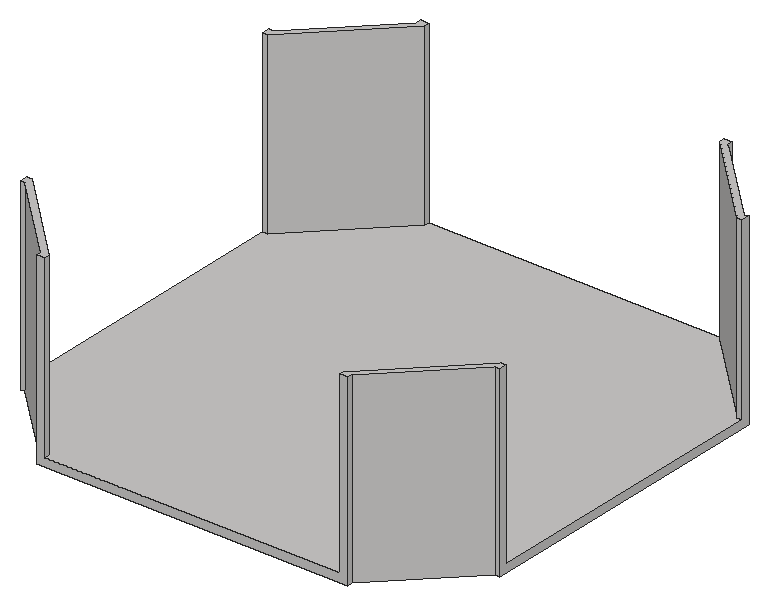
Revit family "Cable_Tray_Fitting-Ventilated_Tray-OBO_Bettermann-Channel_Horizontal_Cross_Over-MKS_Magic", category Cable Tray Fittings, Revit 2012
Parameters (values of type "Hot Dipped Galvanised")
  URL = "http://www.obo-bettermann.com/"
  Tray Width 3 [instance] = 100 mm
  Tray Width 1 [instance] = 100 mm
  Tray Length [instance] = 1.588 mm
  Tray Height [instance] = 60 mm
  Tray Connector 4 Location [instance] = if(Tray Width 3 > 399.9 mm, (Tray Width 3 / 2) + 255 mm, (Tray Width 3 / 2) + 27 mm)  # 77 mm
  Tray Connector 3 Location [instance] = if(Tray Width 3 > 399.9 mm, (Tray Width 3 / 2) + 255 mm, (Tray Width 3 / 2) + 27 mm)  # 77 mm
  Tray Connector 2 Location [instance] = if(Tray Width 1 > 399.9 mm, (Tray Width 1 / 2) + 255 mm, (Tray Width 1 / 2) + 27 mm)  # 77 mm
  Tray Connector 1 Location [instance] = if(Tray Width 1 > 399.9 mm, (Tray Width 1 / 2) + 255 mm, (Tray Width 1 / 2) + 27 mm)  # 77 mm
  built-in parameter 1140111 [instance] = 2.58 mm
  Small Tray Cross Over [instance] = not(Large Tray Cross Over)  # yes
  Radius = 25.4 mm
  Product Page URL = "http://catalog2.obo-bettermann.com/catalogue/catalogue.do?favOid=kts_315277&act=showIO&lang=en&action=start&catId=KTS&forward=showSolutionView"
  Product Documentation Link = ""
  Pre Galvanized = yes
  Model = "MKS-Magic"
  Manufacturer = "OBO Bettermann"
  Large Tray Cross Over [instance] = (Tray Width 1 > 399.9 mm)  # no
  Description = "Ventilated Cable Tray"
  Connector Description 4 = "Connector for Cable Tray 4"  # constant formula
  Connector Description 3 = "Connector for Cable Tray 3"  # constant formula
  Connector Description 2 = "Connector for Cable Tray 2"  # constant formula
  Connector Description = "Connector for Cable Tray 1"  # constant formula
  Classification = "Refer to online Catalog for UL and cUL classifed sizes and wire sizes."
  Cable Tray Material = Metal - OBO Bettermann - Hot-Dipped-Galvanised
  Assembly Code = "D5030600"
Types (2, lengths in mm): name | Cable Tray Material
  Stripped Galvanised | Metal - OBO Bettermann - Strip-Galvanised
  Hot Dipped Galvanised | Metal - OBO Bettermann - Hot-Dipped-Galvanised
Reference planes
  plane 1 "Center (Front/Back)": y = 0
  plane 2: z = 0
  plane 3 "Center (Left/Right)": x = 0
  plane 4: y = 50
  plane 5: y = -50
  plane 6: z = 30
  plane 7: z = -30
  plane 8: y = -75.4
  plane 9: x = -50
  plane 10: x = 50
  plane 11: x = -75.4
  plane 12: x = 75.4
  plane 13: y = -47.42
  plane 14: y = 47.42
  plane 15: y = -76.988
  plane 16: x = -47.42
  plane 17: x = 47.42
  plane 18: x = -76.987
  plane 19: x = 76.988
  plane 20: z = -27.42
  plane 21: y = 75.4
  plane 22: y = 76.987
  plane 23 "Tray Connector Left": x = -77
  plane 24 "Tray Connector Right": x = 77
  plane 25 "Tray Connector Branch Lower": y = -77
  plane 26 "Tray Connector Branch Upper": y = 77
Lines and regions (mm)
  model lines, style "Coarse View", detail levels coarse
    curve 1: line (-76.987, 0, 0) -> (76.988, 0, 0)
    curve 2: line (0, 0, 0) -> (0, -76.988, 0)
    curve 3: line (0, 76.987, 0) -> (0, 0, 0)
  symbolic lines, detail levels fine
    curve 4: line (47.42, 76.987, 0) -> (47.42, 75.4, 0)
    curve 5: line (75.4, 47.42, 0) -> (76.988, 47.42, 0)
    curve 6: line (76.988, -47.42, 0) -> (75.4, -47.42, 0)
    curve 7: line (47.42, -75.4, 0) -> (47.42, -76.988, 0)
    curve 8: line (-47.42, -76.988, 0) -> (-47.42, -75.4, 0)
    curve 9: line (-75.4, -47.42, 0) -> (-76.987, -47.42, 0)
Dimensions and locks
  equal spacing: plane 4, plane 1 "Center (Front/Back)", plane 5
  "Tray Width 1": plane 4 to plane 5
  equal spacing: plane 6, plane 2, plane 7
  "Tray Height": plane 6 to plane 7
  plane 5 to plane 8 = 25.4 mm
  equal spacing: plane 9, plane 3 "Center (Left/Right)", plane 10
  "Tray Width 3": plane 9 to plane 10
  plane 11 to plane 9 = 25.4 mm
  plane 10 to plane 12 = 25.4 mm
  "built-in parameter 1140111": plane 13 to plane 5
  "built-in parameter 1140111": plane 4 to plane 14
  "Tray Length": plane 8 to plane 15
  "built-in parameter 1140111": plane 9 to plane 16
  "built-in parameter 1140111": plane 17 to plane 10
  "Tray Length": plane 18 to plane 11
  "Tray Length": plane 12 to plane 19
  "built-in parameter 1140111": plane 20 to plane 7
  "Tray Length": plane 21 to plane 22
  "Radius": plane 21 to plane 4
  "Tray Connector 1 Location": plane 23 "Tray Connector Left" to plane 3 "Center (Left/Right)"
  "Tray Connector 2 Location": plane 3 "Center (Left/Right)" to plane 24 "Tray Connector Right"
  "Tray Connector 4 Location": plane 26 "Tray Connector Branch Upper" to plane 1 "Center (Front/Back)"
  "Tray Connector 3 Location": plane 25 "Tray Connector Branch Lower" to plane 1 "Center (Front/Back)"
  plane 26 "Tray Connector Branch Upper" to plane 22 = 0.013 mm
  aligned and locked: plane 19 to curve 1
  aligned and locked: plane 18 to curve 1
  aligned and locked: plane 15 to curve 2
  aligned and locked: plane 1 "Center (Front/Back)" to curve 2
  aligned and locked: curve 2 to plane 3 "Center (Left/Right)"
  aligned and locked: plane 22 to curve 3
  aligned and locked: curve 3 to plane 3 "Center (Left/Right)"
  aligned and locked: plane 18 to curve 9
  aligned and locked: plane 15 to curve 8
  aligned and locked: plane 15 to curve 7
  aligned and locked: plane 19 to curve 6
  aligned and locked: plane 19 to curve 5
  aligned and locked: plane 22 to curve 4
  aligned and locked: nested 1 to plane 9
  aligned and locked: plane 10 to nested 1
  aligned and locked: nested 1 to plane 5
  aligned and locked: plane 4 to nested 1
  aligned and locked: nested 2 to plane 22
  aligned and locked: nested 2 to plane 18
  aligned and locked: nested 2 to plane 15
  aligned and locked: plane 19 to nested 2
Automatic sketch dimensions
  curve 4 to plane 17 = 0 mm
  plane 21 to curve 4 = 0 mm
  curve 6 to plane 13 = 0 mm
  curve 8 to plane 16 = 0 mm
  curve 8 to plane 8 = 0 mm
  curve 9 to plane 11 = 0 mm
  curve 9 to plane 13 = 0 mm
  curve 5 to plane 12 = 0 mm
  curve 5 to plane 14 = 0 mm
  curve 7 to plane 17 = 0 mm
  curve 6 to plane 12 = 0 mm
  curve 7 to plane 8 = 0 mm
Nested families
  nested 1: "Cable_Tray_Fitting-Ventilated_Tray-OBO_Bettermann-Channel_Horizontal_Cross_Over_400-600-MKS" at (0, 0, 0), Tray Width 3 <- "Tray Width 3", Tray Width 1 <- "Tray Width 1", Tray Height <- "Tray Height", built-in parameter 1140111 <- "built-in parameter 1140111", visible <- "Large Tray Cross Over", type "Stripped Galvanised"
    with Tray Width 3 100 mm, Tray Width 1 100 mm, Tray Length 1.588 mm, Tray Height 60 mm, built-in parameter 1140111 2.58 mm, Radius Label 150 mm
  nested 2: "Cable_Tray_Fitting-Ventilated_Tray-OBO_Bettermann-Channel_Horizontal_Cross_Over_100-300-MKS" at (0, 0, 0), Tray Width 3 <- "Tray Width 3", Tray Width 1 <- "Tray Width 1", Tray Height <- "Tray Height", built-in parameter 1140111 <- "built-in parameter 1140111", visible <- "Small Tray Cross Over", type "Stripped Galvanised"
    with Tray Width 3 100 mm, Tray Width 1 100 mm, Tray Length 1.588 mm, Tray Height 60 mm, built-in parameter 1140111 2.58 mm, Radius Label 1 27.98 mm, Radius Label 25.4 mm
Connectors
  cabletrayconduit at (-77, 0, 0), driven by "Tray Height", driven by "Tray Width 1", driven by "Connector Description"
    settings: index 1, connector width 100 mm, connector height 60 mm, connector radius 300 mm, connector angle 0.00°, system type 32, placement type 0, profile type 1, connector reference index -1, is primary connector yes, connector utility param no, connector description "Connector for Cable Tray 1"
  cabletrayconduit at (77, 0, 0), driven by "Tray Height", driven by "Tray Width 1", driven by "Connector Description 2"
    settings: index 2, connector width 100 mm, connector height 60 mm, connector radius 300 mm, connector angle 0.00°, system type 32, placement type 0, profile type 1, connector reference index -1, is primary connector no, connector utility param no, connector description "Connector for Cable Tray 2"
  cabletrayconduit at (0, 77, 0), driven by "Tray Width 3", driven by "Tray Height", driven by "Connector Description 4"
    settings: index 3, connector width 100 mm, connector height 60 mm, connector radius 300 mm, connector angle 0.00°, system type 32, placement type 0, profile type 1, connector reference index -1, is primary connector no, connector utility param no, connector description "Connector for Cable Tray 4"
  cabletrayconduit at (0, -77, 0), driven by "Tray Height", driven by "Tray Width 3", driven by "Connector Description 3"
    settings: index 4, connector width 100 mm, connector height 60 mm, connector radius 300 mm, connector angle 0.00°, system type 32, placement type 0, profile type 1, connector reference index -1, is primary connector no, connector utility param no, connector description "Connector for Cable Tray 3"
Definition of nested family "Cable_Tray_Fitting-Ventilated_Tray-OBO_Bettermann-Channel_Horizontal_Cross_Over_400-600-MKS"
  Parameters (values of type "Stripped Galvanised")
    URL = "http://www.obo-bettermann.com/"
    Tray Width 3 [instance] = 400 mm
    Tray Width 1 [instance] = 400 mm
    Tray Length [instance] = 1.588 mm
    Tray Height [instance] = 60 mm
    built-in parameter 1140111 [instance] = 2.58 mm
    Radius Label 1 = Radius + 2.6 mm  # 152.6 mm
    Radius Label [instance] = Radius  # 150 mm
    Radius = 150 mm
    Product Page URL = "http://catalog2.obo-bettermann.com/catalogue/catalogue.do?favOid=kts_315277&act=showIO&lang=en&action=start&catId=KTS&forward=showSolutionView"
    Product Documentation Link = ""
    Pre Galvanized = yes
    Model = "MKS"
    Manufacturer = "OBO Bettermann"
    Description = "Cable tray"
    Connector Description 4 = "Connector for Cable Tray 4"  # constant formula
    Connector Description 3 = "Connector for Cable Tray 3"  # constant formula
    Connector Description 2 = "Connector for Cable Tray 2"  # constant formula
    Connector Description = "Connector for Cable Tray 1"  # constant formula
    Classification = "Refer to online Catalog for UL and cUL classifed sizes and wire sizes."
    Cable Tray Material = Metal - OBO Bettermann - Strip-Galvanised
    Assembly Code = "D5030600"
  Types (2, lengths in mm): name | Cable Tray Material
    Stripped Galvanised | Metal - OBO Bettermann - Strip-Galvanised
    Steel | Metal - OBO Bettermann - Hot-Dipped-Galvanised
  Reference planes
    plane 1 "Center (Front/Back)": y = 0
    plane 2: z = 0
    plane 3 "Center (Left/Right)": x = 0
    plane 4: y = 200
    plane 5: y = -200
    plane 6: z = 30
    plane 7: z = -30
    plane 8: y = -453.413
    plane 9: x = -200
    plane 10: x = 200
    plane 11: x = -453.412
    plane 12: x = 453.413
    plane 13: y = -197.42
    plane 14: y = 197.42
    plane 15: y = -455
    plane 16: x = -197.42
    plane 17: x = 197.42
    plane 18: x = -455
    plane 19: x = 455
    plane 20: z = -27.42
    plane 21: y = 453.412
    plane 22: y = 455
  Forms (mm)
    Extrusion 1, solid, material "Metal - OBO Bettermann - Strip-Galvanised" <- "Cable Tray Material", detail levels medium+fine
      sketch origin (377.212, 0, 0) x (1, 0, 0) y (0, 1, 0)
        loop
          line (-832.212, -197.42) -> (-832.212, -200) -> (-727.212, -200)
          arc (-727.212, -200) -> (-621.146, -243.934) -> (-577.212, -350) r 150
          line (-577.212, -350) -> (-577.212, -455) -> (-574.633, -455) -> (-574.633, -347.51)
          arc (-574.633, -347.51) -> (-619.308, -242.096) -> (-724.723, -197.42) r 152.6
          line (-724.723, -197.42) -> (-832.212, -197.42)
        loop
          line (-27.212, -200) -> (77.788, -200) -> (77.788, -197.42) -> (-29.702, -197.42)
          arc (-29.702, -197.42) -> (-135.117, -242.096) -> (-179.792, -347.51) r 152.6
          line (-179.792, -347.51) -> (-179.792, -455) -> (-177.212, -455) -> (-177.212, -350)
          arc (-177.212, -350) -> (-133.279, -243.934) -> (-27.212, -200) r 150
        loop
          line (-832.212, 197.42) -> (-724.723, 197.42)
          arc (-724.723, 197.42) -> (-619.308, 242.096) -> (-574.633, 347.51) r 152.6
          line (-574.633, 347.51) -> (-574.633, 455) -> (-577.212, 455) -> (-577.212, 350)
          arc (-577.212, 350) -> (-621.146, 243.934) -> (-727.212, 200) r 150
          line (-727.212, 200) -> (-832.212, 200) -> (-832.212, 197.42)
        loop
          arc (-27.212, 200) -> (-133.279, 243.934) -> (-177.212, 350) r 150
          line (-177.212, 350) -> (-177.212, 455) -> (-179.792, 455) -> (-179.792, 347.51)
          arc (-179.792, 347.51) -> (-135.117, 242.096) -> (-29.702, 197.42) r 152.6
          line (-29.702, 197.42) -> (77.788, 197.42) -> (77.788, 200) -> (-27.212, 200)
      from -30 to 30
    Extrusion 2, solid, material "Metal - OBO Bettermann - Strip-Galvanised" <- "Cable Tray Material", detail levels medium+fine
      sketch origin (0, 0, 0) x (1, 0, 0) y (0, 1, 0)
        loop
          line (-455, 200) -> (-455, -200) -> (-350, -200)
          arc (-350, -200) -> (-243.934, -243.934) -> (-200, -350) r 150
          line (-200, -350) -> (-200, -455) -> (200, -455) -> (200, -350)
          arc (200, -350) -> (243.934, -243.934) -> (350, -200) r 150
          line (350, -200) -> (455, -200) -> (455, 200) -> (350, 200)
          arc (350, 200) -> (243.934, 243.934) -> (200, 350) r 150
          line (200, 350) -> (200, 455) -> (-200, 455) -> (-200, 350)
          arc (-200, 350) -> (-243.934, 243.934) -> (-350, 200) r 150
          line (-350, 200) -> (-455, 200)
      from -30 to -27.42
    Extrusion 3, solid, material "Metal - OBO Bettermann - Strip-Galvanised" <- "Cable Tray Material", detail levels medium
      sketch origin (0, 0, 0) x (1, 0, 0) y (0, 1, 0)
        loop
          line (-455, 200) -> (-455, -200) -> (-350, -200)
          arc (-350, -200) -> (-243.934, -243.934) -> (-200, -350) r 150
          line (-200, -350) -> (-200, -455) -> (200, -455) -> (200, -350)
          arc (200, -350) -> (243.934, -243.934) -> (350, -200) r 150
          line (350, -200) -> (455, -200) -> (455, 200) -> (350, 200)
          arc (350, 200) -> (243.934, 243.934) -> (200, 350) r 150
          line (200, 350) -> (200, 455) -> (-200, 455) -> (-200, 350)
          arc (-200, 350) -> (-243.934, 243.934) -> (-350, 200) r 150
          line (-350, 200) -> (-455, 200)
      from -30 to 30
  Cuts and joins
    joined: Extrusion 1, Extrusion 2
  Lines and regions (mm)
    model lines, style "Coarse View", detail levels coarse
      curve 1: line (-455, 0, 0) -> (455, 0, 0)
      curve 2: line (0, 0, 0) -> (0, -455, 0)
      curve 3: line (0, 455, 0) -> (0, 0, 0)
    symbolic lines, detail levels fine
      curve 4: line (197.42, 455, 0) -> (197.42, 453.412, 0)
      curve 5: line (453.413, 197.42, 0) -> (455, 197.42, 0)
      curve 6: line (455, -197.42, 0) -> (453.413, -197.42, 0)
      curve 7: line (197.42, -453.413, 0) -> (197.42, -455, 0)
      curve 8: line (-197.42, -455, 0) -> (-197.42, -453.413, 0)
      curve 9: line (-453.412, -197.42, 0) -> (-455, -197.42, 0)
      curve 10: line (-200, -350, 0) -> (-200, -455, 0)
      curve 11: arc (-350, -200, 0) -> (-243.934, -243.934, 0) -> (-200, -350, 0) r 150
      curve 12: line (-455, -200, 0) -> (-350, -200, 0)
      curve 13: line (350, -200, 0) -> (455, -200, 0)
      curve 14: arc (200, -350, 0) -> (243.934, -243.934, 0) -> (350, -200, 0) r 150
      curve 15: line (200, -455, 0) -> (200, -350, 0)
      curve 16: line (200, 350, 0) -> (200, 455, 0)
      curve 17: arc (350, 200, 0) -> (243.934, 243.934, 0) -> (200, 350, 0) r 150
      curve 18: line (455, 200, 0) -> (350, 200, 0)
      curve 19: line (-350, 200, 0) -> (-455, 200, 0)
      curve 20: arc (-200, 350, 0) -> (-243.934, 243.934, 0) -> (-350, 200, 0) r 150
      curve 21: line (-200, 455, 0) -> (-200, 350, 0)
  Dimensions and locks
    equal spacing: plane 4, plane 1 "Center (Front/Back)", plane 5
    "Tray Width 1": plane 4 to plane 5
    equal spacing: plane 6, plane 2, plane 7
    "Tray Height": plane 6 to plane 7
    equal spacing: plane 9, plane 3 "Center (Left/Right)", plane 10
    "Tray Width 3": plane 9 to plane 10
    "built-in parameter 1140111": plane 13 to plane 5
    "built-in parameter 1140111": plane 4 to plane 14
    "Tray Length": plane 8 to plane 15
    "built-in parameter 1140111": plane 9 to plane 16
    "built-in parameter 1140111": plane 17 to plane 10
    "Tray Length": plane 18 to plane 11
    "Tray Length": plane 12 to plane 19
    "built-in parameter 1140111": plane 20 to plane 7
    "Tray Length": plane 21 to plane 22
    locked: plane 18 to plane 9 at 255
    locked: plane 10 to plane 19 at 255
    equal spacing: plane 18, plane 3 "Center (Left/Right)", plane 19
    locked: plane 4 to plane 22 at 255
    locked: plane 5 to plane 15 at 255
    equal spacing: plane 15, plane 1 "Center (Front/Back)", plane 22
    "Radius Label": radius of Extrusion 3 sketch curve  (x4)
    "Radius Label": radius of Extrusion 1 sketch curve  (x4)
    "Radius Label 1": radius of Extrusion 1 sketch curve  (x4)
    aligned and locked: Extrusion 1 to plane 7
    aligned and locked: plane 6 to Extrusion 1
    aligned and locked: plane 5 to Extrusion 2 sketch curve
    aligned and locked: plane 19 to Extrusion 2 sketch curve
    aligned and locked: plane 9 to Extrusion 2 sketch curve
    aligned and locked: Extrusion 2 sketch curve to plane 15
    aligned and locked: Extrusion 2 to plane 7
    aligned and locked: plane 20 to Extrusion 2
    aligned and locked: plane 18 to Extrusion 3 sketch curve
    aligned and locked: Extrusion 3 sketch curve to plane 5
    aligned and locked: plane 4 to Extrusion 3 sketch curve  (x2)
    aligned and locked: plane 5 to Extrusion 3 sketch curve
    aligned and locked: plane 10 to Extrusion 3 sketch curve
    aligned and locked: plane 9 to Extrusion 3 sketch curve
    aligned and locked: Extrusion 3 sketch curve to plane 15
    aligned and locked: Extrusion 3 to plane 7
    aligned and locked: plane 6 to Extrusion 3
    aligned and locked: plane 19 to curve 1
    aligned and locked: plane 18 to curve 1
    aligned and locked: plane 15 to curve 2
    aligned and locked: plane 1 "Center (Front/Back)" to curve 2
    aligned and locked: curve 2 to plane 3 "Center (Left/Right)"
    aligned and locked: plane 22 to curve 3
    aligned and locked: curve 3 to plane 3 "Center (Left/Right)"
    aligned and locked: plane 18 to curve 9
    aligned and locked: plane 15 to curve 8
    aligned and locked: plane 15 to curve 7
    aligned and locked: plane 19 to curve 6
    aligned and locked: plane 19 to curve 5
    aligned and locked: plane 22 to curve 4
    aligned and locked: Extrusion 2 sketch curve to cut or joined group of Extrusion 1, Extrusion 2  (x8)
    aligned and locked: curve 11 to cut or joined group of Extrusion 1, Extrusion 2
    aligned and locked: curve 12 to cut or joined group of Extrusion 1, Extrusion 2
    aligned and locked: curve 14 to cut or joined group of Extrusion 1, Extrusion 2
    aligned and locked: curve 17 to cut or joined group of Extrusion 1, Extrusion 2
    aligned and locked: curve 18 to cut or joined group of Extrusion 1, Extrusion 2
    aligned and locked: curve 20 to cut or joined group of Extrusion 1, Extrusion 2
    aligned and locked: curve 21 to cut or joined group of Extrusion 1, Extrusion 2
  Automatic sketch dimensions
    curve 9 to plane 11 = 0 mm
    curve 7 to plane 8 = 0 mm
    curve 7 to plane 17 = 0 mm
    curve 4 to plane 17 = 0 mm
    curve 6 to plane 13 = 0 mm
    curve 9 to plane 13 = 0 mm
    Extrusion 3 sketch curve to plane 9 = 0 mm
    Extrusion 3 sketch curve to plane 10 = 0 mm
    Extrusion 3 sketch curve to plane 19 = 0 mm
    plane 22 to Extrusion 3 sketch curve = 0 mm
    Extrusion 1 sketch curve to Extrusion 1 sketch curve = 0 mm  (x8)
    Extrusion 1 sketch curve to plane 13 = 0 mm  (x2)
    Extrusion 1 sketch curve to plane 18 = 0 mm  (x2)
    Extrusion 1 sketch curve to plane 4 = 0 mm  (x2)
    Extrusion 1 sketch curve to plane 5 = 0 mm  (x2)
    Extrusion 1 sketch curve to plane 14 = 0 mm  (x2)
    Extrusion 1 sketch curve to plane 9 = 0 mm  (x2)
    Extrusion 1 sketch curve to plane 16 = 0 mm  (x2)
    Extrusion 1 sketch curve to plane 17 = 0 mm  (x2)
    Extrusion 1 sketch curve to plane 10 = 0 mm  (x2)
    Extrusion 1 sketch curve to plane 19 = 0 mm  (x2)
    Extrusion 1 sketch curve to plane 15 = 0 mm  (x2)
    plane 22 to Extrusion 1 sketch curve = 0 mm  (x2)
    Extrusion 2 sketch curve to plane 18 = 0 mm
    plane 22 to Extrusion 2 sketch curve = 0 mm
    curve 10 to plane 15 = 0 mm
    curve 12 to plane 18 = 0 mm
    curve 8 to plane 8 = 0 mm
    curve 8 to plane 16 = 0 mm
    curve 6 to plane 12 = 0 mm
    curve 13 to plane 19 = 0 mm
    curve 15 to plane 15 = 0 mm
    plane 22 to curve 16 = 0 mm
    curve 18 to plane 19 = 0 mm
    curve 5 to plane 12 = 0 mm
    curve 5 to plane 14 = 0 mm
    plane 21 to curve 4 = 0 mm
    curve 19 to plane 18 = 0 mm
    plane 22 to curve 21 = 0 mm
  Connectors
    cabletrayconduit at (-455, 0, 0), driven by "Tray Height", driven by "Tray Width 1", driven by "Connector Description"
      settings: on Extrusion 3, index 1, connector width 400 mm, connector height 60 mm, connector radius 304.8 mm, connector angle 0.00°, system type 32, placement type 0, profile type 1, connector reference index 2, is primary connector yes, connector utility param no, connector description "Connector for Cable Tray 1"
    cabletrayconduit at (455, 0, 0), driven by "Tray Height", driven by "Tray Width 1", driven by "Connector Description 2"
      settings: on Extrusion 3, index 2, connector width 400 mm, connector height 60 mm, connector radius 304.8 mm, connector angle 0.00°, system type 32, placement type 0, profile type 1, connector reference index 1, is primary connector no, connector utility param no, connector description "Connector for Cable Tray 2"
    cabletrayconduit at (0, -455, 0), driven by "Tray Height", driven by "Tray Width 3", driven by "Connector Description 3"
      settings: on Extrusion 3, index 3, connector width 400 mm, connector height 60 mm, connector radius 304.8 mm, connector angle 0.00°, system type 32, placement type 0, profile type 1, connector reference index 4, is primary connector no, connector utility param no, connector description "Connector for Cable Tray 3"
    cabletrayconduit at (0, 455, 0), driven by "Tray Height", driven by "Tray Width 3", driven by "Connector Description 4"
      settings: on Extrusion 3, index 4, connector width 400 mm, connector height 60 mm, connector radius 304.8 mm, connector angle 0.00°, system type 32, placement type 0, profile type 1, connector reference index 3, is primary connector no, connector utility param no, connector description "Connector for Cable Tray 4"
Definition of nested family "Cable_Tray_Fitting-Ventilated_Tray-OBO_Bettermann-Channel_Horizontal_Cross_Over_100-300-MKS"
  Parameters (values of type "Steel")
    URL = "http://www.obo-bettermann.com/"
    Tray Width 3 [instance] = 100 mm
    Tray Width 1 [instance] = 100 mm
    Tray Length [instance] = 1.588 mm
    Tray Height [instance] = 60 mm
    built-in parameter 1140111 [instance] = 2.58 mm
    Radius Label 1 [instance] = Radius Label + [built-in parameter 1140111]  # 27.98 mm
    Radius Label [instance] = Radius  # 25.4 mm
    Radius = 25.4 mm
    Product Page URL = "http://catalog2.obo-bettermann.com/catalogue/catalogue.do?favOid=kts_315277&act=showIO&lang=en&action=start&catId=KTS&forward=showSolutionView"
    Product Documentation Link = ""
    Pre Galvanized = yes
    Model = "MKS"
    Manufacturer = "OBO Bettermann"
    Description = "Cable tray"
    Connector Description 4 = "Connector for Cable Tray 4"  # constant formula
    Connector Description 3 = "Connector for Cable Tray 3"  # constant formula
    Connector Description 2 = "Connector for Cable Tray 2"  # constant formula
    Connector Description = "Connector for Cable Tray 1"  # constant formula
    Classification = "Refer to online Catalog for UL and cUL classifed sizes and wire sizes."
    Cable Tray Material = Metal - OBO Bettermann - Hot-Dipped-Galvanised
    Assembly Code = "D5030600"
  Types (2, lengths in mm): name | Cable Tray Material
    Stripped Galvanised | Metal - OBO Bettermann - Strip-Galvanised
    Steel | Metal - OBO Bettermann - Hot-Dipped-Galvanised
  Reference planes
    plane 1 "Center (Front/Back)": y = 0
    plane 2: z = 0
    plane 3 "Center (Left/Right)": x = 0
    plane 4: y = 50
    plane 5: y = -50
    plane 6: z = 30
    plane 7: z = -30
    plane 8: y = -75.4
    plane 9: x = -50
    plane 10: x = 50
    plane 11: x = -75.4
    plane 12: x = 75.4
    plane 13: y = -47.42
    plane 14: y = 47.42
    plane 15: y = -76.988
    plane 16: x = -47.42
    plane 17: x = 47.42
    plane 18: x = -76.987
    plane 19: x = 76.988
    plane 20: z = -27.42
    plane 21: y = 75.4
    plane 22: y = 76.987
  Forms (mm)
    Extrusion 1, solid, material "Metal - OBO Bettermann - Hot-Dipped-Galvanised" <- "Cable Tray Material", detail levels medium+fine
      sketch origin (-0.8, 0, 0) x (1, 0, 0) y (0, 1, 0)
        loop
          line (-76.187, -47.42) -> (-76.187, -50) -> (-74.6, -50) -> (-49.2, -75.4) -> (-49.2, -76.988) -> (-46.62, -76.988) -> (-46.62, -75.4) -> (-74.6, -47.42) -> (-76.187, -47.42)
        loop
          line (76.2, -50) -> (77.788, -50) -> (77.788, -47.42) -> (76.2, -47.42) -> (48.22, -75.4) -> (48.22, -76.988) -> (50.8, -76.988) -> (50.8, -75.4) -> (76.2, -50)
        loop
          line (-76.187, 50) -> (-76.187, 47.42) -> (-74.6, 47.42) -> (-46.62, 75.4) -> (-46.62, 76.987) -> (-49.2, 76.987) -> (-49.2, 75.4) -> (-74.6, 50) -> (-76.187, 50)
        loop
          line (48.22, 76.987) -> (48.22, 75.4) -> (76.2, 47.42) -> (77.788, 47.42) -> (77.788, 50) -> (76.2, 50) -> (50.8, 75.4) -> (50.8, 76.987) -> (48.22, 76.987)
      from -30 to 30
    Extrusion 2, solid, material "Metal - OBO Bettermann - Hot-Dipped-Galvanised" <- "Cable Tray Material", detail levels medium+fine
      sketch origin (0, 0, 0) x (1, 0, 0) y (0, 1, 0)
        loop
          line (-76.987, -50) -> (-75.4, -50) -> (-50, -75.4) -> (-50, -76.988) -> (50, -76.988) -> (50, -75.4) -> (75.4, -50) -> (76.988, -50) -> (76.988, 50) -> (75.4, 50) -> (50, 75.4) -> (50, 76.987) -> (-50, 76.987) -> (-50, 75.4) -> (-75.4, 50) -> (-76.987, 50) -> (-76.987, -50)
      from -30 to -27.42
    Extrusion 3, solid, material "Metal - OBO Bettermann - Hot-Dipped-Galvanised" <- "Cable Tray Material", detail levels medium
      sketch origin (0, 0, 0) x (1, 0, 0) y (0, 1, 0)
        loop
          line (-76.987, 50) -> (-76.987, -50) -> (-75.4, -50) -> (-50, -75.4) -> (-50, -76.988) -> (50, -76.988) -> (50, -75.4) -> (75.4, -50) -> (76.988, -50) -> (76.988, 50) -> (75.4, 50) -> (50, 75.4) -> (50, 76.987) -> (-50, 76.987) -> (-50, 75.4) -> (-75.4, 50) -> (-76.987, 50)
      from -30 to 30
  Cuts and joins
    joined: Extrusion 1, Extrusion 2
  Lines and regions (mm)
    model lines, style "Coarse View", detail levels coarse
      curve 1: line (-76.987, 0, 0) -> (76.988, 0, 0)
      curve 2: line (0, 0, 0) -> (0, -76.988, 0)
      curve 3: line (0, 76.987, 0) -> (0, 0, 0)
    symbolic lines, detail levels fine
      curve 4: line (47.42, 76.987, 0) -> (47.42, 75.4, 0)
      curve 5: line (47.42, 75.4, 0) -> (75.4, 47.42, 0)
      curve 6: line (75.4, 47.42, 0) -> (76.988, 47.42, 0)
      curve 7: line (76.988, -47.42, 0) -> (75.4, -47.42, 0)
      curve 8: line (75.4, -47.42, 0) -> (47.42, -75.4, 0)
      curve 9: line (47.42, -75.4, 0) -> (47.42, -76.988, 0)
      curve 10: line (-47.42, -76.988, 0) -> (-47.42, -75.4, 0)
      curve 11: line (-47.42, -75.4, 0) -> (-75.4, -47.42, 0)
      curve 12: line (-75.4, -47.42, 0) -> (-76.987, -47.42, 0)
  Dimensions and locks
    equal spacing: plane 4, plane 1 "Center (Front/Back)", plane 5
    "Tray Width 1": plane 4 to plane 5
    equal spacing: plane 6, plane 2, plane 7
    "Tray Height": plane 6 to plane 7
    "Radius Label": plane 5 to plane 8
    equal spacing: plane 9, plane 3 "Center (Left/Right)", plane 10
    "Tray Width 3": plane 9 to plane 10
    "Radius Label": plane 11 to plane 9
    "Radius Label": plane 10 to plane 12
    "built-in parameter 1140111": plane 13 to plane 5
    "built-in parameter 1140111": plane 4 to plane 14
    "Tray Length": plane 8 to plane 15
    "built-in parameter 1140111": plane 9 to plane 16
    "built-in parameter 1140111": plane 17 to plane 10
    "Tray Length": plane 18 to plane 11
    "Tray Length": plane 12 to plane 19
    "built-in parameter 1140111": plane 20 to plane 7
    "Tray Length": plane 21 to plane 22
    "Radius": plane 21 to plane 4
    aligned and locked: plane 11 to Extrusion 1 sketch curve  (x4)
    aligned and locked: Extrusion 1 sketch curve to plane 13
    aligned and locked: plane 18 to Extrusion 1 sketch curve  (x2)
    aligned and locked: Extrusion 1 sketch curve to plane 5
    aligned and locked: plane 8 to Extrusion 1 sketch curve  (x4)
    aligned and locked: plane 15 to Extrusion 1 sketch curve  (x2)
    aligned and locked: plane 16 to Extrusion 1 sketch curve  (x3)
    aligned and locked: plane 9 to Extrusion 1 sketch curve  (x3)
    aligned and locked: Extrusion 1 sketch curve to plane 15  (x2)
    aligned and locked: Extrusion 1 sketch curve to plane 18  (x2)
    aligned and locked: Extrusion 1 to plane 7
    aligned and locked: plane 6 to Extrusion 1
    aligned and locked: plane 19 to Extrusion 1 sketch curve  (x3)
    aligned and locked: plane 5 to Extrusion 1 sketch curve  (x3)
    aligned and locked: plane 13 to Extrusion 1 sketch curve  (x3)
    aligned and locked: Extrusion 1 sketch curve to plane 19
    aligned and locked: Extrusion 1 sketch curve to plane 17
    aligned and locked: Extrusion 1 sketch curve to plane 10  (x2)
    aligned and locked: plane 10 to Extrusion 1 sketch curve  (x2)
    aligned and locked: plane 17 to Extrusion 1 sketch curve  (x3)
    aligned and locked: plane 18 to Extrusion 2 sketch curve  (x2)
    aligned and locked: plane 11 to Extrusion 2 sketch curve  (x2)
    aligned and locked: Extrusion 2 sketch curve to plane 5
    aligned and locked: plane 4 to Extrusion 2 sketch curve
    aligned and locked: plane 5 to Extrusion 2 sketch curve
    aligned and locked: plane 19 to Extrusion 2 sketch curve  (x2)
    aligned and locked: plane 12 to Extrusion 2 sketch curve  (x2)
    aligned and locked: plane 8 to Extrusion 2 sketch curve  (x2)
    aligned and locked: plane 15 to Extrusion 2 sketch curve
    aligned and locked: plane 10 to Extrusion 2 sketch curve
    aligned and locked: plane 9 to Extrusion 2 sketch curve
    aligned and locked: Extrusion 2 sketch curve to plane 15
    aligned and locked: Extrusion 2 to plane 7
    aligned and locked: plane 20 to Extrusion 2
    aligned and locked: plane 18 to Extrusion 3 sketch curve  (x2)
    aligned and locked: plane 11 to Extrusion 3 sketch curve  (x2)
    aligned and locked: Extrusion 3 sketch curve to plane 5  (x2)
    aligned and locked: plane 4 to Extrusion 3 sketch curve  (x2)
    aligned and locked: plane 5 to Extrusion 3 sketch curve
    aligned and locked: plane 12 to Extrusion 3 sketch curve  (x2)
    aligned and locked: plane 19 to Extrusion 3 sketch curve  (x2)
    aligned and locked: plane 15 to Extrusion 3 sketch curve
    aligned and locked: Extrusion 3 sketch curve to plane 10  (x2)
    aligned and locked: plane 8 to Extrusion 3 sketch curve
    aligned and locked: plane 10 to Extrusion 3 sketch curve
    aligned and locked: plane 9 to Extrusion 3 sketch curve
    aligned and locked: Extrusion 3 sketch curve to plane 15
    aligned and locked: Extrusion 3 to plane 7
    aligned and locked: plane 6 to Extrusion 3
    aligned and locked: plane 19 to curve 1
    aligned and locked: plane 18 to curve 1
    aligned and locked: plane 15 to curve 2
    aligned and locked: plane 1 "Center (Front/Back)" to curve 2
    aligned and locked: curve 2 to plane 3 "Center (Left/Right)"
    aligned and locked: Extrusion 1 sketch curve to plane 14
    aligned and locked: Extrusion 1 sketch curve to plane 4
    aligned and locked: plane 22 to Extrusion 1 sketch curve  (x4)
    aligned and locked: Extrusion 1 sketch curve to plane 9
    aligned and locked: Extrusion 1 sketch curve to plane 16
    aligned and locked: plane 4 to Extrusion 1 sketch curve  (x2)
    aligned and locked: plane 14 to Extrusion 1 sketch curve  (x2)
    aligned and locked: plane 22 to Extrusion 3 sketch curve  (x2)
    aligned and locked: plane 21 to Extrusion 3 sketch curve  (x2)
    aligned and locked: Extrusion 3 sketch curve to plane 9
    aligned and locked: plane 22 to Extrusion 2 sketch curve  (x2)
    aligned and locked: plane 21 to Extrusion 2 sketch curve  (x2)
    aligned and locked: Extrusion 2 sketch curve to plane 9
    aligned and locked: Extrusion 2 sketch curve to plane 10
    aligned and locked: plane 22 to curve 3
    aligned and locked: curve 3 to plane 3 "Center (Left/Right)"
    aligned and locked: plane 12 to Extrusion 1 sketch curve  (x3)
    aligned and locked: plane 21 to Extrusion 1 sketch curve  (x4)
    aligned and locked: Extrusion 3 sketch curve to cut or joined group of Extrusion 1, Extrusion 2  (x4)
    aligned and locked: Extrusion 2 sketch curve to cut or joined group of Extrusion 1, Extrusion 2  (x4)
    aligned and locked: curve 4 to cut or joined group of Extrusion 1, Extrusion 2
    aligned and locked: curve 5 to cut or joined group of Extrusion 1, Extrusion 2
    aligned and locked: curve 6 to cut or joined group of Extrusion 1, Extrusion 2
    aligned and locked: curve 7 to cut or joined group of Extrusion 1, Extrusion 2
    aligned and locked: curve 8 to cut or joined group of Extrusion 1, Extrusion 2
    aligned and locked: curve 9 to cut or joined group of Extrusion 1, Extrusion 2
    aligned and locked: curve 10 to cut or joined group of Extrusion 1, Extrusion 2
    aligned and locked: curve 11 to cut or joined group of Extrusion 1, Extrusion 2
    aligned and locked: curve 12 to cut or joined group of Extrusion 1, Extrusion 2
    aligned and locked: plane 18 to curve 12
    aligned and locked: plane 15 to curve 10
    aligned and locked: plane 15 to curve 9
    aligned and locked: plane 19 to curve 7
    aligned and locked: plane 19 to cut or joined group of Extrusion 1, Extrusion 2
    aligned and locked: plane 19 to curve 6
    aligned and locked: plane 22 to curve 4
    aligned and locked: plane 22 to cut or joined group of Extrusion 1, Extrusion 2
  Automatic sketch dimensions
    Extrusion 1 sketch curve to plane 12 = 0 mm
    curve 4 to plane 17 = 0 mm
    curve 5 to plane 12 = 0 mm
    curve 5 to plane 14 = 0 mm
    plane 21 to curve 4 = 0 mm
    curve 8 to plane 8 = 0 mm
    curve 8 to plane 17 = 0 mm
    curve 8 to plane 12 = 0 mm
    curve 7 to plane 13 = 0 mm
    curve 11 to plane 11 = 0 mm
    curve 10 to plane 16 = 0 mm
    curve 10 to plane 8 = 0 mm
    curve 11 to plane 13 = 0 mm
  Connectors
    cabletrayconduit at (-76.987, 0, 0), driven by "Tray Height", driven by "Tray Width 1", driven by "Connector Description"
      settings: on Extrusion 3, index 1, connector width 100 mm, connector height 60 mm, connector radius 304.8 mm, connector angle 0.00°, system type 32, placement type 0, profile type 1, connector reference index 2, is primary connector yes, connector utility param no, connector description "Connector for Cable Tray 1"
    cabletrayconduit at (76.988, 0, 0), driven by "Tray Height", driven by "Tray Width 1", driven by "Connector Description 2"
      settings: on Extrusion 3, index 2, connector width 100 mm, connector height 60 mm, connector radius 304.8 mm, connector angle 0.00°, system type 32, placement type 0, profile type 1, connector reference index 1, is primary connector no, connector utility param no, connector description "Connector for Cable Tray 2"
    cabletrayconduit at (0, -76.988, 0), driven by "Tray Height", driven by "Tray Width 3", driven by "Connector Description 3"
      settings: on Extrusion 3, index 3, connector width 100 mm, connector height 60 mm, connector radius 304.8 mm, connector angle 0.00°, system type 32, placement type 0, profile type 1, connector reference index 4, is primary connector no, connector utility param no, connector description "Connector for Cable Tray 3"
    cabletrayconduit at (0, 76.987, 0), driven by "Tray Height", driven by "Tray Width 3", driven by "Connector Description 4"
      settings: on Extrusion 3, index 4, connector width 100 mm, connector height 60 mm, connector radius 304.8 mm, connector angle 0.00°, system type 32, placement type 0, profile type 1, connector reference index 3, is primary connector no, connector utility param no, connector description "Connector for Cable Tray 4"
